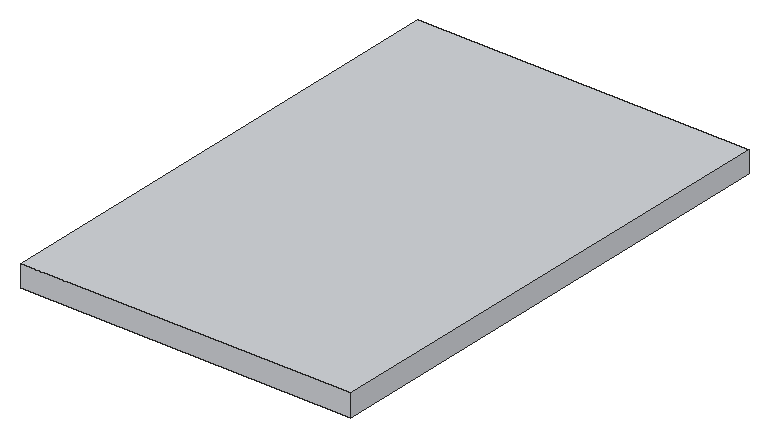
Revit family "CIRQUA-L-1XxxxFx-FSW", category Oprawy oświetleniowe, Revit 2019
Family settings
  Obiekt nadrzędny = Powierzchnia
  Wymiar okrągłego złącza = Użyj średnicy
  Typ części = Normalny
  Numer OmniClass = 23.80.70.11
  Tytuł OmniClass = Luminaries for Internal Lighting
  Tnij formami wycięć po wczytaniu = Nie
  Źródło światła = Tak
  Współdzielony = Nie
  Punkt obliczania pomieszczeń = Nie
Parameters (values of type "CIRQUA-L 1X2600-930 F-FSW")
  width = 100 mm  # constant formula
  weight = "1,3 kg"  # constant formula
  voltage type (AC, DC, UC) = "AC"
  rated input power = 26
  product name = "CIRQUA-L 1X2600-930 F-FSW"
  nominal voltage = "230"
  nominal frequency = "50-60Hz"
  length = 310 mm  # constant formula
  ingress protection (IP) code = "IP20"
  height = 171 mm  # constant formula
  electrical safety class = "1"
  control gear = ""
  conformity mark = "CE"  # constant formula
  brand = "RIDI"
  approval mark = ""
  built-in parameter 1150104 = 13.8 (stored number, unit not read)
  Wattage = 16.8976 W
  Emituj ze średnicy okręgu = 76 mm  # constant formula
  Default Elevation = 0 mm
  built-in parameter 1150113 = 1 (stored number, unit not read)
  built-in parameter 1114218 = 1 (stored number, unit not read)
  URL = "www.ridi.de"
  built-in parameter 1150134 = (empty or 0)
  built-in parameter 1150109 = 1 (stored number, unit not read)
  built-in parameter 1150110 = 1 (stored number, unit not read)
  Apparent Load = 26 VA
  Tilt Angle = 90.00°
  Model = "0321976AQ"
  built-in parameter 1114217 = 1 (stored number, unit not read)
  built-in parameter 1150139 = (empty or 0)
  built-in parameter 1150105 = 5996.9 (stored number, unit not read)
  built-in parameter 1150114 = 1 (stored number, unit not read)
  Lumens = 2510 lm
  built-in parameter 1150115 = 1 (stored number, unit not read)
  built-in parameter 1150112 = 1 (stored number, unit not read)
  Lampa = "LED"
  Producent = "RIDI Leuchten GmbH"  # constant formula
  Dimming Lamp Color Temperature Shift = (empty or 0)
  Color Filter = 16777215
  built-in parameter 1150133 = 10 (stored number, unit not read)
  Emit Shape Visible in Rendering = no
  built-in parameter 1150137 = (empty or 0)
  built-in parameter 1150132 = 2
  Plik sieci fotometrycznej = "CIRQUA-L 1x3200-840 F.IES"
  Copyright = "© RIDI. All rights reserved."  # constant formula
  built-in parameter 1150106 = 59.969 (stored number, unit not read)
  Kod zespołu = "D5020200"
  built-in parameter 1150107 = 3000 (stored number, unit not read)
  built-in parameter 1150102 = (empty or 0)
  built-in parameter 1150138 = (empty or 0)
Types (10, lengths in mm): name | rated input power | product name | Wattage | built-in parameter 1150134 | Apparent Load | Model | built-in parameter 1150105 | Lumens | built-in parameter 1150106 | built-in parameter 1150107
  (no name) | 26 | "CIRQUA-L 1X2600-930 F-FSW" | 16.8976 W | (empty or 0) | 26 VA | "0321976AQ" | 5996.9 (stored number, unit not read) | 2510 lm | 59.969 (stored number, unit not read) | 3000 (stored number, unit not read)
  CIRQUA-L 1X3000-830 F-FSW | 26 | "CIRQUA-L 1X3000-830 F-FSW" | 19.7924 W | (empty or 0) | 26 VA | "0321964AQ" | 233.96 (stored number, unit not read) | 2940 lm | 2.3396 (stored number, unit not read) | 3000 (stored number, unit not read)
  CIRQUA-L 1X3600-830 F-FSW | 34 | "CIRQUA-L 1X3600-830 F-FSW" | 23.3604 W | (empty or 0) | 34 VA | "0321968AQ" | 8290.5 (stored number, unit not read) | 3470 lm | 82.905 (stored number, unit not read) | 3000 (stored number, unit not read)
  CIRQUA-L 1X3600-830 F-DA-FSW | 34 | "CIRQUA-L 1X3600-830 F-DA-FSW" | 23.3604 W | (empty or 0) | 34 VA | "0331968AQ" | 8290.5 (stored number, unit not read) | 3470 lm | 82.905 (stored number, unit not read) | 3000 (stored number, unit not read)
  CIRQUA-L 1X3200-840 F-FSW | 26 | "CIRQUA-L 1X3200-840 F-FSW" | 20.6676 W | 12 | 26 VA | "0321952AQ" | 7334.8 (stored number, unit not read) | 3070 lm | 73.348 (stored number, unit not read) | 4000 (stored number, unit not read)
  CIRQUA-L 1X3800-840 F-FSW | 34 | "CIRQUA-L 1X3800-840 F-FSW" | 24.8415 W | 12 | 34 VA | "0321956AQ" | 8816.1 (stored number, unit not read) | 3690 lm | 88.161 (stored number, unit not read) | 4000 (stored number, unit not read)
  CIRQUA-L 1X3800-840 F-DA-FSW | 34 | "CIRQUA-L 1X3800-840 F-DA-FSW" | 24.8415 W | 12 | 34 VA | "0331956AQ" | 8816.1 (stored number, unit not read) | 3690 lm | 88.161 (stored number, unit not read) | 4000 (stored number, unit not read)
  CIRQUA-L 1X2600-930 F-FSW | 26 | "CIRQUA-L 1X2600-930 F-FSW" | 16.8976 W | (empty or 0) | 26 VA | "0321976AQ" | 5996.9 (stored number, unit not read) | 2510 lm | 59.969 (stored number, unit not read) | 3000 (stored number, unit not read)
  CIRQUA-L 1X3100-930 F-FSW | 34 | "CIRQUA-L 1X3100-930 F-FSW" | 20.129 W | (empty or 0) | 34 VA | "0321980AQ" | 7143.7 (stored number, unit not read) | 2990 lm | 71.437 (stored number, unit not read) | 3000 (stored number, unit not read)
  CIRQUA-L 1X3100-930 F-DA-FSW | 34 | "CIRQUA-L 1X3100-930 F-DA-FSW" | 20.129 W | (empty or 0) | 34 VA | "0331980AQ" | 7143.7 (stored number, unit not read) | 2990 lm | 71.437 (stored number, unit not read) | 3000 (stored number, unit not read)
Reference planes
  plane 1 "Mitte (Vorne/hinten)": y = 0
  plane 2: z = 24.176
  plane 3 "Mitte (Links/rechts)": x = 22
  plane 4: z = 0
Forms (mm)
  Extrusion 1, solid
    sketch origin (219.2, 280.8, 0) x (1, 0, 0) y (0, 1, 0)
      loop
        line (-1219.2, 1219.2) -> (-1219.2, -1780.8) -> (780.8, -1780.8) -> (780.8, 1219.2) -> (-1219.2, 1219.2)
    from 24.176 to -107.307
Dimensions and locks
  aligned and locked: plane 2 to Extrusion 1
Connectors
  electrical at (-103.767, 0, 25.176), driven by "Apparent Load"
    settings: on import instance, index 1, voltage 230 V, apparent load 0 VA, apparent load phase1 26 VA, apparent load phase2 0 VA, apparent load phase3 0 VA, power factor 1, load classification "Lighting", number of poles 1, system type 31, power factor state 1, is connector primary yes, connector utility no, sub classification motor no, connector description ""
